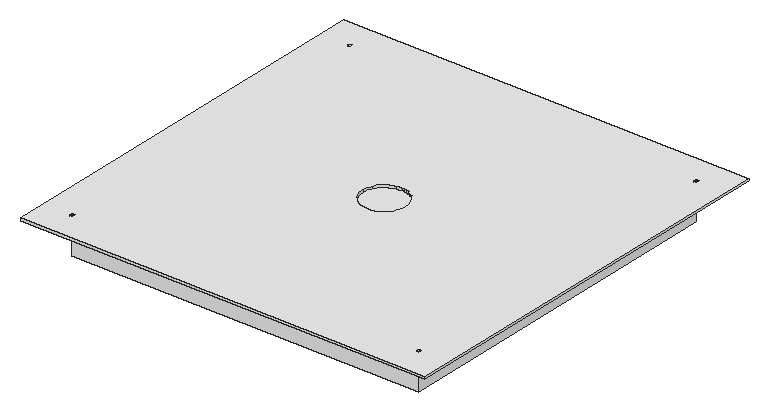
Revit family "Valve_Box-Acudor-Recessed-AFVP_Series", category Specialty Equipment, host Face, Revit 2014
Parameters (values of type "AFVP 12x12")
  Width = 12"
  WC - knurled knob and flush key = no
  URL = "http://acudor.com/"
  Type Comments = ""
  TH - 'T' Handle = no
  Standard Latch = no
  Screwdriver operated cam latch = no
  SS - Stainless Steel Construction (Type 304 No 4 Finish Satin Finish) = no
  SC - stainless steel screwdriver operated cam latch = no
  Product Page URL = "https://www.acudor.com/products/valve-boxes/afvp"
  Product Documentation Link = "https://www.acudor.com/images/acudor/accessdoors/valve/AFVP/AFVP_PS.pdf"
  PC - Carbon steel with prime coat baked enamel finish = no
  Model = "AFVP 12x12"
  Material = "Stainless Steel-Acudor-Type 304-Satin"  # constant formula
  Manufacturer = "Acudor"  # constant formula
  MAS - Masonry Anchor Straps = no
  Length = 1 1/4"  # constant formula
  Installation Type = "Wall Mounted"  # constant formula
  Height = 12"
  Finish = Stainless Steel-Acudor-Type 304-Satin
  Door Gauge = no
  Description = "Recessed Valve Boxes"  # constant formula
  Default Elevation = 48"
  CL - Cylinder Lock (one per door) = no
  Assembly Code = "C1020700"
  AKL - Allen Key Latch = no
Types (3): name | Width | Model | Height
  (no name) | 12" | "AFVP 12x12" | 12"
  AFVP 12x12 | 12" | "AFVP 12x12" | 12"
  AFVP 15x15 | 15" | "AFVP 15x15" | 15"
Reference planes (in)
  plane 1 "Center (Front/Back)": y = 0
  plane 2: z = 0
  plane 3 "Center (Left/Right)": x = 0
  plane 4: y = 7
  plane 5: y = -7
  plane 6: x = 7
  plane 7: x = -7
  plane 8: y = 6
  plane 9: y = -6
  plane 10: x = 6
  plane 11: x = -6
  plane 12: z = 0.075
  plane 13: z = -1.175
Forms (in)
  Extrusion 1, solid, material "Stainless Steel-Acudor-Type 304-Satin" <- "Finish"
    sketch origin (0, 0, 0) x (1, 0, 0) y (0, 1, 0)
      loop
        line (-7, 7) -> (-7, -7) -> (7, -7) -> (7, 7) -> (-7, 7)
      loop
        circle (0, 0) r 0.75
      loop
        circle (-6, 6) r 0.0625
      loop
        circle (6, 6) r 0.0625
      loop
        circle (6, -6) r 0.0625
      loop
        circle (-6, -6) r 0.0625
    from 0 to 0.075
  Extrusion 2, void
    sketch origin (0, 0, 0) x (1, 0, 0) y (0, 1, 0)
      loop
        line (-6, 6) -> (-6, -6) -> (6, -6) -> (6, 6) -> (-6, 6)
    from -1.175 to 0.075
  Extrusion 3, solid, material "Stainless Steel-Acudor-Type 304-Satin" <- "Finish"
    sketch origin (0, 0, 0) x (1, 0, 0) y (0, 1, 0)
      loop
        line (-6, 6) -> (-6, -6) -> (6, -6) -> (6, 6) -> (-6, 6)
    from -1.175 to 0
Cuts and joins
  joined: Extrusion 1, Extrusion 3
Lines and regions (in)
  Masking region 1
    outline origin (0, 0, 0) x (1, 0, 0) y (0, 0, 1)
      loop
        line (7, 0.075) -> (-7, 0.075) -> (-7, 0) -> (-6, 0) -> (-6, -1.175) -> (6, -1.175) -> (6, 0) -> (7, 0) -> (7, 0.075)
  symbolic lines, style "SpecialityEquipment", detail levels medium+fine
    curve 1: line (6, 0, 0) -> (-6, 0, 0)
Dimensions and locks (in)
  equal spacing: plane 8, plane 1 "Center (Front/Back)", plane 9
  "Height": plane 8 to plane 9
  equal spacing: plane 11, plane 3 "Center (Left/Right)", plane 10
  "Width": plane 11 to plane 10
  locked: plane 4 to plane 8 at 1
  locked: plane 5 to plane 9 at 1
  locked: plane 7 to plane 11 at 1
  locked: plane 10 to plane 6 at 1
  locked: host face to plane 12 at 0.075
  "Length": plane 13 to plane 12
  diameter of Extrusion 1 sketch curve = 1 1/2"
  diameter of Extrusion 1 sketch curve = 1/8"  (x4)
  aligned and locked: plane 2 to host face
  aligned and locked: level to host face
  aligned and locked: plane 13 to Extrusion 2
  aligned and locked: Extrusion 2 to plane 12
  aligned and locked: plane 4 to Extrusion 1
  aligned and locked: plane 7 to Extrusion 1
  aligned and locked: plane 6 to Extrusion 1
  aligned and locked: plane 5 to Extrusion 1
  aligned and locked: Extrusion 1 to level
  aligned and locked: Extrusion 1 to plane 12
  aligned and locked: Extrusion 3 sketch curve to plane 8
  aligned and locked: Extrusion 3 sketch curve to plane 11
  aligned and locked: Extrusion 3 sketch curve to plane 9
  aligned and locked: Extrusion 3 sketch curve to plane 10
  aligned and locked: plane 13 to Extrusion 3
  aligned and locked: level to Extrusion 3
  aligned and locked: plane 6 to Masking region 1 sketch curve
  aligned and locked: Masking region 1 sketch curve to plane 12
  aligned and locked: plane 10 to Masking region 1 sketch curve
  aligned and locked: plane 13 to Masking region 1 sketch curve
  aligned and locked: plane 7 to Masking region 1 sketch curve
  aligned and locked: Masking region 1 sketch curve to level
  aligned and locked: plane 11 to Masking region 1 sketch curve
  aligned and locked: plane 11 to curve 1
  aligned and locked: plane 10 to curve 1
  aligned and locked: curve 1 to level
  aligned and locked: plane 3 "Center (Left/Right)" to Extrusion 1 sketch curve
  aligned and locked: plane 1 "Center (Front/Back)" to Extrusion 1 sketch curve
  aligned and locked: plane 8 to Extrusion 1 sketch curve  (x2)
  aligned and locked: plane 11 to Extrusion 1 sketch curve  (x2)
  aligned and locked: plane 10 to Extrusion 1 sketch curve  (x2)
  aligned and locked: plane 9 to Extrusion 1 sketch curve  (x2)
Automatic sketch dimensions
  host sketch curve to host sketch curve = 96"  (x2)
  plane 9 to Extrusion 2 sketch curve = 0"
  Extrusion 2 sketch curve to plane 11 = 0"
  Extrusion 2 sketch curve to plane 10 = 0"
  Extrusion 2 sketch curve to plane 8 = 0"
  Masking region 1 sketch curve to level = 0"
  plane 5 to Extrusion 1 sketch curve = 0"
  Extrusion 1 sketch curve to plane 7 = 0"
  Extrusion 1 sketch curve to plane 4 = 0"
  Extrusion 1 sketch curve to plane 6 = 0"
